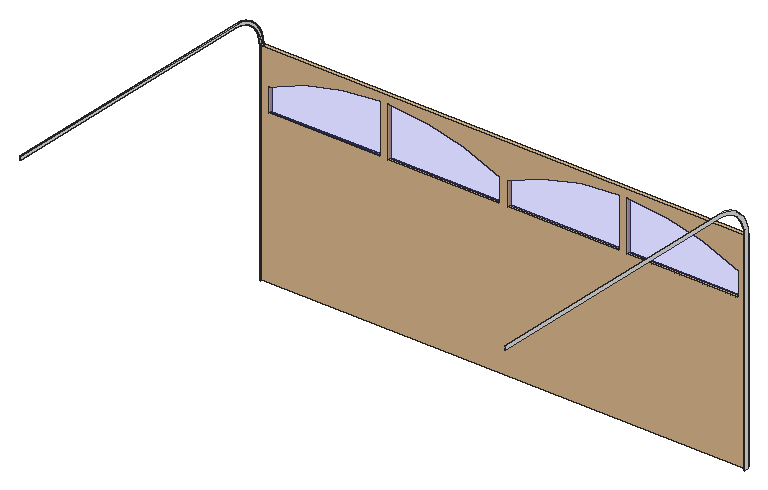
Revit family
Parameters (values of type "7Ft H x 16Ft W")
  Track Width = Width + 0' 2"  # 16' - 2"
  Track Height = Height + 1' 0"  # 8' - 0"
  Track Depth = 10' - 0"
  Track = Metal
  SmartBIM Object Version = 1  # constant formula
  SmartBIM Object Created By = "Reed Construction Data"  # constant formula
  Panel Thickness = 0' - 1 1/2"
  Manufacturer = ""
  Height = 7' - 0"
  Wall Closure = (empty or 0)
  Width = 16' - 0"
  Door Glass = Glass
  Door = Wood
  95 CSI = "08360"  # constant formula
  04 CSI = "08 36 13"  # constant formula
Types (3): name | Track Width | Width
  (no name) | 16' - 2" | 16' - 0"
  7Ft H x 8Ft W | 8' - 2" | 8' - 0"
  7Ft H x 16Ft W | 16' - 2" | 16' - 0"
Reference planes (in)
  plane 1 "Center (Front/Back)": y = 0
  plane 2 "Center (Left/Right)": x = 0
  plane 3 "Left": x = -96
  plane 4 "Right": x = 96
  plane 5 "Top": z = 84
  plane 6: x = -97
  plane 7: x = 97
  plane 8: y = -3.25
  plane 9: z = 60.75
  plane 10: z = 20.25
  plane 11: z = 40.5
  plane 12: z = 81
  plane 13: y = -2.5
  plane 14 "Ext": y = -3.25
  plane 15: y = -2.5
  plane 16 "Int": y = -1.75
  plane 17: x = 1.5
  plane 18: x = -48
  plane 19: x = 48
  plane 20: x = -49.5
  plane 21: x = -46.5
  plane 22: x = 46.5
  plane 23: x = 49.5
  plane 24: y = -2.5
Forms (in)
  Extrusion 1, solid, material "Wood" <- "Door"
    sketch origin (0, 0, 0) x (1, 0, 0) y (0, 0, 1)
      loop
        line (-97, 84) -> (-97, 0) -> (97, 0) -> (97, 84) -> (-97, 84)
      loop
        line (94.5, 60.75) -> (94.5, 70.375)
        arc (94.5, 70.375) -> (72.57981, 78.14033) -> (49.5, 80.98949) r 107.06544
        line (49.5, 80.98949) -> (49.5, 60.75) -> (94.5, 60.75)
      loop
        line (-94.5, 70.375) -> (-94.5, 60.75) -> (-49.5, 60.75) -> (-49.5, 80.98949)
        arc (-49.5, 80.98949) -> (-72.57981, 78.14033) -> (-94.5, 70.375) r 107.06544
      loop
        line (-1.5, 60.75) -> (-1.5, 70.375)
        arc (-1.5, 70.375) -> (-23.42019, 78.14033) -> (-46.5, 80.98949) r 107.06544
        line (-46.5, 80.98949) -> (-46.5, 60.75) -> (-1.5, 60.75)
      loop
        line (1.5, 70.375) -> (1.5, 60.75) -> (46.5, 60.75) -> (46.5, 80.98949)
        arc (46.5, 80.98949) -> (23.42019, 78.14033) -> (1.5, 70.375) r 107.06544
    from 1.75 to 3.25
  Extrusion 2, solid, material "Glass" <- "Door Glass"
    sketch origin (0, -1.75, 0) x (1, 0, 0) y (0, 0, 1)
      loop
        arc (94.5, 70.375) -> (72.57981, 78.14033) -> (49.5, 80.98949) r 107.06544
        line (49.5, 80.98949) -> (49.5, 60.75) -> (94.5, 60.75) -> (94.5, 70.375)
      loop
        arc (46.5, 80.98949) -> (23.42019, 78.14033) -> (1.5, 70.375) r 107.06544
        line (1.5, 70.375) -> (1.5, 60.75) -> (46.5, 60.75) -> (46.5, 80.98949)
      loop
        arc (-1.5, 70.375) -> (-23.42019, 78.14033) -> (-46.5, 80.98949) r 107.06544
        line (-46.5, 80.98949) -> (-46.5, 60.75) -> (-1.5, 60.75) -> (-1.5, 70.375)
      loop
        arc (-49.5, 80.98949) -> (-72.57981, 78.14033) -> (-94.5, 70.375) r 107.06544
        line (-94.5, 70.375) -> (-94.5, 60.75) -> (-49.5, 60.75) -> (-49.5, 80.98949)
    from 0.625 to 0.875
Lines and regions (in)
  Opening 1
    outline origin (-90, -1.75, 0) x (1, 0, 0) y (0, 0, 1)
      loop
        line (-6, 0) -> (186, 0) -> (186, 84) -> (-6, 84) -> (-6, 0)
  model lines
    curve 1: line (49.5, -3.25, 42) -> (94.5, -3.25, 42)
    curve 2: line (94.5, -3.25, 42) -> (94.5, -3.25, 59.25)
    curve 3: line (94.5, -3.25, 59.25) -> (49.5, -3.25, 59.25)
    curve 4: line (93, -3.25, 57.75) -> (51, -3.25, 57.75)
    curve 5: line (51, -3.25, 43.5) -> (93, -3.25, 43.5)
    curve 6: line (93, -3.25, 43.5) -> (93, -3.25, 57.75)
    curve 7: line (-49.5, -3.25, 59.25) -> (-49.5, -3.25, 42)
    curve 8: line (-94.5, -3.25, 59.25) -> (-94.5, -3.25, 42)
    curve 9: line (-94.5, -3.25, 42) -> (-49.5, -3.25, 42)
    curve 10: line (-49.5, -3.25, 59.25) -> (-94.5, -3.25, 59.25)
    curve 11: line (-51, -3.25, 57.75) -> (-93, -3.25, 57.75)
    curve 12: line (-93, -3.25, 57.75) -> (-93, -3.25, 43.5)
    curve 13: line (-93, -3.25, 43.5) -> (-51, -3.25, 43.5)
    curve 14: line (-94.5, -3.25, 39) -> (-94.5, -3.25, 21.75)
    curve 15: line (-94.5, -3.25, 21.75) -> (-49.5, -3.25, 21.75)
    curve 16: line (-49.5, -3.25, 21.75) -> (-49.5, -3.25, 39)
    curve 17: line (-49.5, -3.25, 39) -> (-94.5, -3.25, 39)
    curve 18: line (-51, -3.25, 37.5) -> (-93, -3.25, 37.5)
    curve 19: line (-93, -3.25, 37.5) -> (-93, -3.25, 23.25)
    curve 20: line (-93, -3.25, 23.25) -> (-51, -3.25, 23.25)
    curve 21: line (-51, -3.25, 23.25) -> (-51, -3.25, 37.5)
    curve 22: line (49.5, -3.25, 39) -> (49.5, -3.25, 21.75)
    curve 23: line (49.5, -3.25, 21.75) -> (94.5, -3.25, 21.75)
    curve 24: line (94.5, -3.25, 21.75) -> (94.5, -3.25, 39)
    curve 25: line (94.5, -3.25, 39) -> (49.5, -3.25, 39)
    curve 26: line (93, -3.25, 37.5) -> (51, -3.25, 37.5)
    curve 27: line (51, -3.25, 37.5) -> (51, -3.25, 23.25)
    curve 28: line (51, -3.25, 23.25) -> (93, -3.25, 23.25)
    curve 29: line (93, -3.25, 23.25) -> (93, -3.25, 37.5)
    curve 30: line (-94.5, -3.25, 1.5) -> (-94.5, -3.25, 18.75)
    curve 31: line (-94.5, -3.25, 18.75) -> (-49.5, -3.25, 18.75)
    curve 32: line (-49.5, -3.25, 18.75) -> (-49.5, -3.25, 1.5)
    curve 33: line (-49.5, -3.25, 1.5) -> (-94.5, -3.25, 1.5)
    curve 34: line (-51, -3.25, 3) -> (-93, -3.25, 3)
    curve 35: line (-93, -3.25, 3) -> (-93, -3.25, 17.25)
    curve 36: line (-93, -3.25, 17.25) -> (-51, -3.25, 17.25)
    curve 37: line (-51, -3.25, 17.25) -> (-51, -3.25, 3)
    curve 38: line (94.5, -3.25, 1.5) -> (94.5, -3.25, 18.75)
    curve 39: line (94.5, -3.25, 18.75) -> (49.5, -3.25, 18.75)
    curve 40: line (49.5, -3.25, 18.75) -> (49.5, -3.25, 1.5)
    curve 41: line (49.5, -3.25, 1.5) -> (94.5, -3.25, 1.5)
    curve 42: line (51, -3.25, 3) -> (93, -3.25, 3)
    curve 43: line (93, -3.25, 3) -> (93, -3.25, 17.25)
    curve 44: line (93, -3.25, 17.25) -> (51, -3.25, 17.25)
    curve 45: line (51, -3.25, 17.25) -> (51, -3.25, 3)
    curve 46: line (49.5, -1.75, 42) -> (94.5, -1.75, 42)
    curve 47: line (94.5, -1.75, 42) -> (94.5, -1.75, 59.25)
    curve 48: line (94.5, -1.75, 59.25) -> (49.5, -1.75, 59.25)
    curve 49: line (93, -1.75, 57.75) -> (51, -1.75, 57.75)
    curve 50: line (51, -1.75, 43.5) -> (93, -1.75, 43.5)
    curve 51: line (93, -1.75, 43.5) -> (93, -1.75, 57.75)
    curve 52: line (-49.5, -1.75, 59.25) -> (-49.5, -1.75, 42)
    curve 53: line (-94.5, -1.75, 59.25) -> (-94.5, -1.75, 42)
    curve 54: line (-94.5, -1.75, 42) -> (-49.5, -1.75, 42)
    curve 55: line (-49.5, -1.75, 59.25) -> (-94.5, -1.75, 59.25)
    curve 56: line (-51, -1.75, 57.75) -> (-93, -1.75, 57.75)
    curve 57: line (-93, -1.75, 57.75) -> (-93, -1.75, 43.5)
    curve 58: line (-93, -1.75, 43.5) -> (-51, -1.75, 43.5)
    curve 59: line (-94.5, -1.75, 39) -> (-94.5, -1.75, 21.75)
    curve 60: line (-94.5, -1.75, 21.75) -> (-49.5, -1.75, 21.75)
    curve 61: line (-49.5, -1.75, 21.75) -> (-49.5, -1.75, 39)
    curve 62: line (-49.5, -1.75, 39) -> (-94.5, -1.75, 39)
    curve 63: line (-51, -1.75, 37.5) -> (-93, -1.75, 37.5)
    curve 64: line (-93, -1.75, 37.5) -> (-93, -1.75, 23.25)
    curve 65: line (-93, -1.75, 23.25) -> (-51, -1.75, 23.25)
    curve 66: line (-51, -1.75, 23.25) -> (-51, -1.75, 37.5)
    curve 67: line (49.5, -1.75, 39) -> (49.5, -1.75, 21.75)
    curve 68: line (49.5, -1.75, 21.75) -> (94.5, -1.75, 21.75)
    curve 69: line (94.5, -1.75, 21.75) -> (94.5, -1.75, 39)
    curve 70: line (94.5, -1.75, 39) -> (49.5, -1.75, 39)
    curve 71: line (93, -1.75, 37.5) -> (51, -1.75, 37.5)
    curve 72: line (51, -1.75, 37.5) -> (51, -1.75, 23.25)
    curve 73: line (51, -1.75, 23.25) -> (93, -1.75, 23.25)
    curve 74: line (93, -1.75, 23.25) -> (93, -1.75, 37.5)
    curve 75: line (-94.5, -1.75, 1.5) -> (-94.5, -1.75, 18.75)
    curve 76: line (-94.5, -1.75, 18.75) -> (-49.5, -1.75, 18.75)
    curve 77: line (-49.5, -1.75, 18.75) -> (-49.5, -1.75, 1.5)
    curve 78: line (-49.5, -1.75, 1.5) -> (-94.5, -1.75, 1.5)
    curve 79: line (-51, -1.75, 3) -> (-93, -1.75, 3)
    curve 80: line (-93, -1.75, 3) -> (-93, -1.75, 17.25)
    curve 81: line (-93, -1.75, 17.25) -> (-51, -1.75, 17.25)
    curve 82: line (-51, -1.75, 17.25) -> (-51, -1.75, 3)
    curve 83: line (94.5, -1.75, 1.5) -> (94.5, -1.75, 18.75)
    curve 84: line (94.5, -1.75, 18.75) -> (49.5, -1.75, 18.75)
    curve 85: line (49.5, -1.75, 18.75) -> (49.5, -1.75, 1.5)
    curve 86: line (49.5, -1.75, 1.5) -> (94.5, -1.75, 1.5)
    curve 87: line (51, -1.75, 3) -> (93, -1.75, 3)
    curve 88: line (93, -1.75, 3) -> (93, -1.75, 17.25)
    curve 89: line (93, -1.75, 17.25) -> (51, -1.75, 17.25)
    curve 90: line (51, -1.75, 17.25) -> (51, -1.75, 3)
    curve 91: line (49.5, -1.75, 59.25) -> (49.5, -1.75, 42)
    curve 92: line (49.5, -3.25, 42) -> (49.5, -3.25, 59.25)
    curve 93: line (-51, -3.25, 57.75) -> (-51, -3.25, 43.5)
    curve 94: line (-46.5, -3.25, 59.25) -> (-46.5, -3.25, 42)
    curve 95: line (-1.5, -3.25, 59.25) -> (-1.5, -3.25, 42)
    curve 96: line (-1.5, -3.25, 42) -> (-46.5, -3.25, 42)
    curve 97: line (-46.5, -3.25, 59.25) -> (-1.5, -3.25, 59.25)
    curve 98: line (-45, -3.25, 57.75) -> (-3, -3.25, 57.75)
    curve 99: line (-3, -3.25, 57.75) -> (-3, -3.25, 43.5)
    curve 100: line (-3, -3.25, 43.5) -> (-45, -3.25, 43.5)
    curve 101: line (-45, -3.25, 57.75) -> (-45, -3.25, 43.5)
    curve 102: line (-46.5, -3.25, 21.75) -> (-46.5, -3.25, 39)
    curve 103: line (-1.5, -3.25, 21.75) -> (-1.5, -3.25, 39)
    curve 104: line (-1.5, -3.25, 39) -> (-46.5, -3.25, 39)
    curve 105: line (-46.5, -3.25, 21.75) -> (-1.5, -3.25, 21.75)
    curve 106: line (-45, -3.25, 23.25) -> (-3, -3.25, 23.25)
    curve 107: line (-3, -3.25, 23.25) -> (-3, -3.25, 37.5)
    curve 108: line (-3, -3.25, 37.5) -> (-45, -3.25, 37.5)
    curve 109: line (-45, -3.25, 23.25) -> (-45, -3.25, 37.5)
    curve 110: line (-46.5, -3.25, 18.75) -> (-46.5, -3.25, 1.5)
    curve 111: line (-1.5, -3.25, 18.75) -> (-1.5, -3.25, 1.5)
    curve 112: line (-1.5, -3.25, 1.5) -> (-46.5, -3.25, 1.5)
    curve 113: line (-46.5, -3.25, 18.75) -> (-1.5, -3.25, 18.75)
    curve 114: line (-45, -3.25, 17.25) -> (-3, -3.25, 17.25)
    curve 115: line (-3, -3.25, 17.25) -> (-3, -3.25, 3)
    curve 116: line (-3, -3.25, 3) -> (-45, -3.25, 3)
    curve 117: line (-45, -3.25, 17.25) -> (-45, -3.25, 3)
    curve 118: line (51, -3.25, 57.75) -> (51, -3.25, 43.5)
    curve 119: line (46.5, -3.25, 42) -> (1.5, -3.25, 42)
    curve 120: line (1.5, -3.25, 42) -> (1.5, -3.25, 59.25)
    curve 121: line (1.5, -3.25, 59.25) -> (46.5, -3.25, 59.25)
    curve 122: line (46.5, -3.25, 42) -> (46.5, -3.25, 59.25)
    curve 123: line (3, -3.25, 57.75) -> (45, -3.25, 57.75)
    curve 124: line (45, -3.25, 43.5) -> (3, -3.25, 43.5)
    curve 125: line (3, -3.25, 43.5) -> (3, -3.25, 57.75)
    curve 126: line (45, -3.25, 57.75) -> (45, -3.25, 43.5)
    curve 127: line (46.5, -3.25, 39) -> (46.5, -3.25, 21.75)
    curve 128: line (46.5, -3.25, 21.75) -> (1.5, -3.25, 21.75)
    curve 129: line (1.5, -3.25, 21.75) -> (1.5, -3.25, 39)
    curve 130: line (1.5, -3.25, 39) -> (46.5, -3.25, 39)
    curve 131: line (3, -3.25, 37.5) -> (45, -3.25, 37.5)
    curve 132: line (45, -3.25, 37.5) -> (45, -3.25, 23.25)
    curve 133: line (45, -3.25, 23.25) -> (3, -3.25, 23.25)
    curve 134: line (3, -3.25, 23.25) -> (3, -3.25, 37.5)
    curve 135: line (1.5, -3.25, 1.5) -> (1.5, -3.25, 18.75)
    curve 136: line (1.5, -3.25, 18.75) -> (46.5, -3.25, 18.75)
    curve 137: line (46.5, -3.25, 18.75) -> (46.5, -3.25, 1.5)
    curve 138: line (46.5, -3.25, 1.5) -> (1.5, -3.25, 1.5)
    curve 139: line (45, -3.25, 3) -> (3, -3.25, 3)
    curve 140: line (3, -3.25, 3) -> (3, -3.25, 17.25)
    curve 141: line (3, -3.25, 17.25) -> (45, -3.25, 17.25)
    curve 142: line (45, -3.25, 17.25) -> (45, -3.25, 3)
    curve 143: line (51, -1.75, 57.75) -> (51, -1.75, 43.5)
    curve 144: line (46.5, -1.75, 42) -> (1.5, -1.75, 42)
    curve 145: line (1.5, -1.75, 42) -> (1.5, -1.75, 59.25)
    curve 146: line (1.5, -1.75, 59.25) -> (46.5, -1.75, 59.25)
    curve 147: line (46.5, -1.75, 59.25) -> (46.5, -1.75, 42)
    curve 148: line (3, -1.75, 57.75) -> (45, -1.75, 57.75)
    curve 149: line (45, -1.75, 43.5) -> (3, -1.75, 43.5)
    curve 150: line (3, -1.75, 43.5) -> (3, -1.75, 57.75)
    curve 151: line (45, -1.75, 57.75) -> (45, -1.75, 43.5)
    curve 152: line (46.5, -1.75, 39) -> (46.5, -1.75, 21.75)
    curve 153: line (46.5, -1.75, 21.75) -> (1.5, -1.75, 21.75)
    curve 154: line (1.5, -1.75, 21.75) -> (1.5, -1.75, 39)
    curve 155: line (1.5, -1.75, 39) -> (46.5, -1.75, 39)
    curve 156: line (3, -1.75, 37.5) -> (45, -1.75, 37.5)
    curve 157: line (45, -1.75, 37.5) -> (45, -1.75, 23.25)
    curve 158: line (45, -1.75, 23.25) -> (3, -1.75, 23.25)
    curve 159: line (3, -1.75, 23.25) -> (3, -1.75, 37.5)
    curve 160: line (1.5, -1.75, 1.5) -> (1.5, -1.75, 18.75)
    curve 161: line (1.5, -1.75, 18.75) -> (46.5, -1.75, 18.75)
    curve 162: line (46.5, -1.75, 18.75) -> (46.5, -1.75, 1.5)
    curve 163: line (46.5, -1.75, 1.5) -> (1.5, -1.75, 1.5)
    curve 164: line (45, -1.75, 3) -> (3, -1.75, 3)
    curve 165: line (3, -1.75, 3) -> (3, -1.75, 17.25)
    curve 166: line (3, -1.75, 17.25) -> (45, -1.75, 17.25)
    curve 167: line (45, -1.75, 17.25) -> (45, -1.75, 3)
    curve 168: line (-51, -1.75, 43.5) -> (-51, -1.75, 57.75)
    curve 169: line (-46.5, -1.75, 59.25) -> (-46.5, -1.75, 42)
    curve 170: line (-1.5, -1.75, 59.25) -> (-1.5, -1.75, 42)
    curve 171: line (-1.5, -1.75, 42) -> (-46.5, -1.75, 42)
    curve 172: line (-46.5, -1.75, 59.25) -> (-1.5, -1.75, 59.25)
    curve 173: line (-45, -1.75, 57.75) -> (-3, -1.75, 57.75)
    curve 174: line (-3, -1.75, 57.75) -> (-3, -1.75, 43.5)
    curve 175: line (-3, -1.75, 43.5) -> (-45, -1.75, 43.5)
    curve 176: line (-45, -1.75, 43.5) -> (-45, -1.75, 57.75)
    curve 177: line (-46.5, -1.75, 21.75) -> (-46.5, -1.75, 39)
    curve 178: line (-1.5, -1.75, 21.75) -> (-1.5, -1.75, 39)
    curve 179: line (-1.5, -1.75, 39) -> (-46.5, -1.75, 39)
    curve 180: line (-46.5, -1.75, 21.75) -> (-1.5, -1.75, 21.75)
    curve 181: line (-45, -1.75, 23.25) -> (-3, -1.75, 23.25)
    curve 182: line (-3, -1.75, 23.25) -> (-3, -1.75, 37.5)
    curve 183: line (-3, -1.75, 37.5) -> (-45, -1.75, 37.5)
    curve 184: line (-45, -1.75, 37.5) -> (-45, -1.75, 23.25)
    curve 185: line (-45, -1.75, 17.25) -> (-3, -1.75, 17.25)
    curve 186: line (-3, -1.75, 17.25) -> (-3, -1.75, 3)
    curve 187: line (-3, -1.75, 3) -> (-45, -1.75, 3)
    curve 188: line (-45, -1.75, 3) -> (-45, -1.75, 17.25)
    curve 189: line (-46.5, -1.75, 18.75) -> (-46.5, -1.75, 1.5)
    curve 190: line (-1.5, -1.75, 18.75) -> (-1.5, -1.75, 1.5)
    curve 191: line (-1.5, -1.75, 1.5) -> (-46.5, -1.75, 1.5)
    curve 192: line (-46.5, -1.75, 18.75) -> (-1.5, -1.75, 18.75)
Text (in)
  text "Exterior" at (-74.96733, 27.31104, 0), in view "Ref. Level"
  text "Interior" at (-76.69036, -30.31274, 0), in view "Ref. Level"
  text "Exterior" at (0, 40.15149, 123.01588), in view "Right"
  text "Interior" at (0, -64.39139, 123.01588), in view "Right"
  text "Interior" at (0, -31.01599, 123.00693), in view "Left"
  text "Exterior" at (0, 54.57065, 123.00693), in view "Left"
Dimensions and locks (in)
  equal spacing: plane 3 "Left", plane 2 "Center (Left/Right)", plane 4 "Right"
  "Height": level to plane 5 "Top"
  "Width": plane 3 "Left" to plane 4 "Right"
  locked: plane 6 to plane 3 "Left" at 1
  locked: plane 4 "Right" to plane 7 at 1
  locked: plane 12 to plane 5 "Top" at 3
  equal spacing: level, plane 10, plane 11, plane 9, plane 12
  host wall to plane 13 to plane 8 = 0' - 0 3/4", 0' - 0 3/4"
  curve 6 to curve 2 to plane 4 "Right" = 0' - 1 1/2" locked, 0' - 1 1/2" locked
  curve 4 to curve 3 to plane 9 = 0' - 1 1/2" locked, 0' - 1 1/2" locked
  plane 11 to curve 1 to curve 5 = 0' - 1 1/2" locked, 0' - 1 1/2" locked
  plane 3 "Left" to curve 8 to curve 12 = 0' - 1 1/2" locked, 0' - 1 1/2" locked
  plane 11 to curve 17 to curve 18 = 0' - 1 1/2" locked, 0' - 1 1/2" locked
  curve 20 to curve 15 to plane 10 = 0' - 1 1/2" locked, 0' - 1 1/2" locked
  plane 10 to curve 31 to curve 36 = 0' - 1 1/2" locked, 0' - 1 1/2" locked
  curve 34 to curve 33 to level = 0' - 1 1/2" locked, 0' - 1 1/2" locked
  equal spacing: plane 14 "Ext", plane 15, plane 16 "Int"
  locked: curve 51 to curve 47 at 1.5
  locked: curve 49 to curve 48 at 1.5
  locked: curve 46 to curve 50 at 1.5
  locked: curve 53 to curve 57 at 1.5
  locked: curve 62 to curve 63 at 1.5
  locked: curve 65 to curve 60 at 1.5
  locked: curve 76 to curve 81 at 1.5
  locked: curve 79 to curve 78 at 1.5
  "Panel Thickness": plane 16 "Int" to plane 14 "Ext"
  locked: plane 2 "Center (Left/Right)" to plane 17 at 1.5
  locked: Extrusion 1 sketch curve to plane 7 at 2.5
  locked: Extrusion 1 sketch curve to plane 6 at 2.5
  equal spacing: Extrusion 1 sketch curve, plane 2 "Center (Left/Right)", Extrusion 1 sketch curve
  locked: Extrusion 1 sketch curve to Extrusion 1 sketch curve at 3
  equal spacing: plane 3 "Left", plane 18, plane 2 "Center (Left/Right)"
  equal spacing: plane 4 "Right", plane 19, plane 2 "Center (Left/Right)"
  locked: plane 18 to plane 20 at 1.5
  locked: plane 21 to plane 18 at 1.5
  locked: curve 93 to plane 20 at 1.5
  locked: curve 95 to plane 2 "Center (Left/Right)" at 1.5
  locked: plane 21 to curve 101 at 1.5
  locked: curve 99 to plane 2 "Center (Left/Right)" at 3
  equal spacing: plane 23, plane 19, plane 22
  plane 23 to plane 19 to plane 22 = 0' - 1 1/2", 0' - 1 1/2"
  locked: plane 23 to curve 118 at 1.5
  locked: curve 125 to plane 17 at 1.5
  locked: curve 143 to plane 23 at 1.5
  locked: plane 22 to curve 151 at 1.5
  locked: plane 17 to curve 150 at 1.5
  locked: curve 168 to plane 20 at 1.5
  locked: curve 176 to plane 21 at 1.5
  plane 2 "Center (Left/Right)" to curve 170 to curve 174 = 0' - 1 1/2" locked, 0' - 1 1/2" locked
  locked: plane 12 to Extrusion 1 sketch curve at 0  (x2)
  locked: plane 9 to Extrusion 1 sketch curve at 9.625  (x4)
  Extrusion 1 sketch curve to plane 6 = 0' - 2 1/2"  (x2)
  locked: plane 2 "Center (Left/Right)" to Extrusion 1 sketch curve at 1.5
  Extrusion 1 sketch curve to plane 2 "Center (Left/Right)" = 0' - 1 1/2"  (x2)
  locked: plane 7 to Extrusion 1 sketch curve at 2.5
  equal spacing: Extrusion 2, plane 24, Extrusion 2
  locked: Extrusion 2 to Extrusion 2 at 0.25
  aligned and locked: plane 3 "Left" to Opening 1 sketch curve
  aligned and locked: plane 5 "Top" to Opening 1 sketch curve
  aligned and locked: Opening 1 sketch curve to plane 5 "Top"
  aligned and locked: Opening 1 sketch curve to plane 4 "Right"
  aligned and locked: Opening 1 sketch curve to level
  aligned and locked: Extrusion 1 sketch curve to level
  aligned and locked: Extrusion 1 sketch curve to host wall
  aligned and locked: curve 12 to curve 19
  aligned and locked: curve 8 to curve 14
  aligned and locked: curve 29 to curve 6
  aligned and locked: curve 24 to curve 2
  aligned and locked: curve 30 to curve 14
  aligned and locked: curve 35 to curve 19
  aligned and locked: curve 21 to curve 37
  aligned and locked: curve 16 to curve 32
  aligned and locked: curve 22 to curve 40
  aligned and locked: curve 27 to curve 45
  aligned and locked: curve 43 to curve 29
  aligned and locked: curve 38 to curve 24
  aligned and locked: host wall to plane 16 "Int"
  aligned and locked: plane 14 "Ext" to Extrusion 1
  aligned and locked: Extrusion 1 to host wall
  aligned and locked: curve 72 to curve 90
  aligned and locked: curve 61 to curve 52
  aligned and locked: curve 61 to curve 77
  aligned and locked: curve 66 to curve 82
  aligned and locked: curve 16 to curve 7
  aligned and locked: curve 88 to curve 74
  aligned and locked: curve 74 to curve 51
  aligned and locked: plane 9 to Extrusion 1 sketch curve  (x2)
  aligned and locked: curve 7 to plane 20
  aligned and locked: curve 21 to curve 93
  aligned and locked: curve 94 to plane 21
  aligned and locked: curve 96 to curve 9
  aligned and locked: curve 100 to curve 13
  aligned and locked: curve 10 to curve 97
  aligned and locked: curve 11 to curve 98
  aligned and locked: curve 110 to plane 21
  aligned and locked: plane 21 to curve 102
  aligned and locked: curve 103 to curve 95
  aligned and locked: curve 103 to curve 111
  aligned and locked: curve 107 to curve 99
  aligned and locked: curve 107 to curve 115
  aligned and locked: curve 109 to curve 101
  aligned and locked: curve 31 to curve 113
  aligned and locked: curve 36 to curve 114
  aligned and locked: curve 112 to curve 33
  aligned and locked: curve 116 to curve 34
  aligned and locked: curve 15 to curve 105
  aligned and locked: curve 20 to curve 106
  aligned and locked: curve 108 to curve 18
  aligned and locked: curve 104 to curve 17
  aligned and locked: plane 23 to curve 92
  aligned and locked: curve 121 to curve 3
  aligned and locked: curve 123 to curve 4
  aligned and locked: curve 5 to curve 124
  aligned and locked: plane 22 to curve 122
  aligned and locked: curve 120 to plane 17
  aligned and locked: curve 118 to curve 27
  aligned and locked: curve 22 to plane 23
  aligned and locked: curve 130 to curve 25
  aligned and locked: curve 131 to curve 26
  aligned and locked: curve 28 to curve 133
  aligned and locked: curve 23 to curve 128
  aligned and locked: curve 122 to curve 127
  aligned and locked: curve 126 to curve 132
  aligned and locked: curve 134 to curve 125
  aligned and locked: curve 129 to curve 120
  aligned and locked: curve 137 to plane 22
  aligned and locked: curve 135 to plane 17
  aligned and locked: curve 113 to curve 136
  aligned and locked: curve 114 to curve 141
  aligned and locked: curve 138 to curve 112
  aligned and locked: curve 139 to curve 116
  aligned and locked: curve 44 to curve 141
  aligned and locked: curve 139 to curve 42
  aligned and locked: curve 138 to curve 41
  aligned and locked: curve 39 to curve 136
  aligned and locked: plane 23 to curve 91
  aligned and locked: plane 22 to curve 147
  aligned and locked: plane 17 to curve 145
  aligned and locked: plane 23 to curve 67
  aligned and locked: curve 143 to curve 72
  aligned and locked: plane 23 to curve 85
  aligned and locked: plane 22 to curve 152
  aligned and locked: plane 22 to curve 162
  aligned and locked: plane 17 to curve 160
  aligned and locked: plane 17 to curve 154
  aligned and locked: curve 159 to curve 150
  aligned and locked: curve 165 to curve 150
  aligned and locked: curve 151 to curve 157
  aligned and locked: curve 157 to curve 167
  aligned and locked: plane 20 to curve 52
  aligned and locked: curve 66 to curve 168
  aligned and locked: plane 21 to curve 169
  aligned and locked: curve 177 to plane 21
  aligned and locked: plane 21 to curve 189
  aligned and locked: curve 176 to curve 184
  aligned and locked: curve 188 to curve 184
  aligned and locked: curve 178 to curve 170
  aligned and locked: curve 178 to curve 190
  aligned and locked: curve 182 to curve 174
  aligned and locked: curve 182 to curve 186
  aligned and locked: curve 155 to curve 179
  aligned and locked: curve 156 to curve 183
  aligned and locked: curve 181 to curve 158
  aligned and locked: curve 180 to curve 153
  aligned and locked: curve 192 to curve 161
  aligned and locked: curve 185 to curve 166
  aligned and locked: curve 164 to curve 187
  aligned and locked: curve 163 to curve 191
  aligned and locked: plane 23 to Extrusion 1 sketch curve
  aligned and locked: plane 22 to Extrusion 1 sketch curve
  aligned and locked: plane 20 to Extrusion 1 sketch curve
  aligned and locked: Extrusion 2 sketch curve to Extrusion 1  (x16)
  aligned and locked: plane 24 to plane 15
  aligned and locked: plane 15 to nested 1
  aligned and locked: nested 1 to plane 2 "Center (Left/Right)"
Automatic sketch dimensions
  plane 21 to curve 114 = 0' - 1 1/2"
  curve 139 to plane 17 = 0' - 1 1/2"
  curve 139 to plane 22 = 0' - 1 1/2"
  curve 123 to plane 22 = 0' - 1 1/2"
  plane 10 to curve 127 = 0' - 1 1/2"
  curve 22 to curve 28 = 0' - 1 1/2"
  curve 131 to plane 11 = 0' - 3"
  curve 127 to plane 11 = 0' - 1 1/2"
  plane 11 to curve 7 = 0' - 1 1/2"
  plane 11 to curve 120 = 0' - 1 1/2"
  curve 8 to curve 13 = 0' - 1 1/2"
  curve 99 to plane 9 = 0' - 3"
  curve 94 to plane 9 = 0' - 1 1/2"
  curve 57 to plane 3 "Left" = 0' - 3"
  curve 79 to plane 3 "Left" = 0' - 3"
  curve 64 to plane 3 "Left" = 0' - 3"
  curve 78 to plane 3 "Left" = 0' - 1 1/2"
  curve 59 to plane 3 "Left" = 0' - 1 1/2"
  plane 4 "Right" to curve 73 = 0' - 3"
  plane 4 "Right" to curve 68 = 0' - 1 1/2"
  plane 4 "Right" to curve 83 = 0' - 1 1/2"
  level to curve 75 = 0' - 1 1/2"
  level to curve 86 = 0' - 1 1/2"
  level to curve 160 = 0' - 1 1/2"
  curve 190 to curve 186 = 0' - 1 1/2"
  curve 85 to curve 90 = 0' - 1 1/2"
  curve 89 to plane 10 = 0' - 3"
  curve 185 to plane 10 = 0' - 3"
  curve 82 to plane 10 = 0' - 3"
  curve 192 to plane 10 = 0' - 1 1/2"
  curve 85 to plane 10 = 0' - 1 1/2"
  plane 10 to curve 68 = 0' - 1 1/2"
  plane 10 to curve 177 = 0' - 1 1/2"
  plane 10 to curve 59 = 0' - 1 1/2"
  curve 153 to curve 159 = 0' - 1 1/2"
  curve 68 to curve 74 = 0' - 1 1/2"
  curve 72 to plane 11 = 0' - 3"
  curve 64 to plane 11 = 0' - 3"
  curve 156 to plane 11 = 0' - 3"
  curve 70 to plane 11 = 0' - 1 1/2"
  curve 154 to plane 11 = 0' - 1 1/2"
  plane 11 to curve 170 = 0' - 1 1/2"
  plane 11 to curve 147 = 0' - 1 1/2"
  plane 11 to curve 54 = 0' - 1 1/2"
  plane 11 to curve 91 = 0' - 1 1/2"
  curve 53 to curve 58 = 0' - 1 1/2"
  curve 144 to curve 151 = 0' - 1 1/2"
  curve 170 to curve 174 = 0' - 1 1/2"
  curve 174 to plane 9 = 0' - 3"
  curve 148 to plane 9 = 0' - 3"
  curve 51 to plane 9 = 0' - 3"
  curve 168 to plane 9 = 0' - 3"
  curve 145 to plane 9 = 0' - 1 1/2"
  curve 55 to plane 9 = 0' - 1 1/2"
  curve 172 to plane 9 = 0' - 1 1/2"
  Extrusion 1 sketch curve to Extrusion 1 sketch curve = 0' - 0"  (x4)
  Extrusion 1 sketch curve to plane 6 = 0' - 0"
  Extrusion 1 sketch curve to plane 19 = 0' - 0"
  Extrusion 1 sketch curve to plane 7 = 0' - 0"
  Extrusion 1 sketch curve to plane 9 = 0' - 0"  (x2)
  Extrusion 1 sketch curve to plane 21 = 0' - 0"
  Extrusion 1 sketch curve to plane 18 = 0' - 0"
Nested families (in)
  nested 1: "Door Track" at (-0.5, -64, 0), Width <- "Track Width", Height <- "Track Height", Depth <- "Track Depth", type "Door Track"
    with Width 16' - 2", Height 8' - 0", Depth 10' - 0"
Definition of nested family "Door Track"
  Parameters
    Width [instance] = 10' - 0"
    Track = Metal
    Height [instance] = 11' - 0"
    Depth [instance] = 8' - 0"
  Reference planes (in)
    plane 1 "Center (Front/Back)": y = 0
    plane 2: z = 0
    plane 3 "Center (Left/Right)": x = 0.5
    plane 4 "Back": y = 48
    plane 5 "Front": y = -48
    plane 6 "Left": x = -59.5
    plane 7 "Right": x = 60.5
    plane 8 "Top": z = 132
    plane 9 "Center (Up/Down)": z = 66
    plane 10: y = 48.75
    plane 11: y = 49.5
  Forms (in)
    Sweep 1, solid, material "Metal" <- "Track"
      path origin (60.5, 60, 48) x (0, 1, 0) y (0, 0, 1)
        loop
          line (-12, -48) -> (-12, 72)
          arc (-12, 72) -> (-15.51472, 80.48528) -> (-24, 84) r 12
          line (-24, 84) -> (-108, 84)
      profile origin (60.5, -6, 132) x (0, 0, -1) y (1, 0, 0)
        loop
          line (-1.5, 0) -> (-1.375, 0) -> (-1.375, 0.375) -> (-0.125, 0.375) -> (-0.125, 0) -> (0, 0) -> (0, 0.5) -> (-1.5, 0.5) -> (-1.5, 0)
    Sweep 2, solid, material "Metal" <- "Track"
      path origin (-59.5, 60, 48) x (0, 1, 0) y (0, 0, 1)
        loop
          line (-12, -48) -> (-12, 72)
          arc (-12, 72) -> (-15.51472, 80.48528) -> (-24, 84) r 12
          line (-24, 84) -> (-108, 84)
      profile origin (-59.5, -6, 132) x (0, 0, -1) y (1, 0, 0)
        loop
          line (-1.5, 0) -> (-1.5, -0.5) -> (0, -0.5) -> (0, 0) -> (-0.125, 0) -> (-0.125, -0.375) -> (-1.375, -0.375) -> (-1.375, 0) -> (-1.5, 0)
  Dimensions and locks (in)
    equal spacing: plane 6 "Left", plane 3 "Center (Left/Right)", plane 7 "Right"
    "Width": plane 6 "Left" to plane 7 "Right"
    equal spacing: plane 4 "Back", plane 1 "Center (Front/Back)", plane 5 "Front"
    "Depth": plane 4 "Back" to plane 5 "Front"
    "Height": plane 8 "Top" to plane 2
    equal spacing: plane 8 "Top", plane 9 "Center (Up/Down)", level
    locked: Sweep 2 sketch curve to Sweep 2 sketch curve at 0.125  (x3)
    locked: Sweep 2 sketch curve to Sweep 2 sketch curve at 0.5  (x2)
    locked: Sweep 2 sketch curve to Sweep 2 sketch curve at 1.5
    locked: Sweep 1 sketch curve to Sweep 1 sketch curve at 0.5  (x2)
    locked: Sweep 1 sketch curve to Sweep 1 sketch curve at 0.125  (x3)
    locked: Sweep 1 sketch curve to Sweep 1 sketch curve at 1.5
    equal spacing: plane 4 "Back", plane 10, plane 11
    locked: plane 10 to plane 11 at 0.75
    radius of Sweep 1 sketch curve = 1' - 0"
    radius of Sweep 2 sketch curve = 1' - 0"
    aligned and locked: plane 8 "Top" to Sweep 1 sketch curve  (x2)
    aligned and locked: plane 5 "Front" to Sweep 1 sketch curve
    aligned and locked: plane 4 "Back" to Sweep 1 sketch curve
    aligned and locked: plane 4 "Back" to Sweep 2 sketch curve
    aligned and locked: plane 5 "Front" to Sweep 2 sketch curve
    aligned and locked: level to Sweep 2 sketch curve
    aligned and locked: Sweep 2 sketch curve to profile plane  (x2)
    aligned and locked: Sweep 1 sketch curve to profile plane
    aligned and locked: plane 11 to Sweep 1
  Automatic sketch dimensions
    Sweep 1 sketch curve to level = 0' - 0"
    Sweep 2 sketch curve to plane 8 "Top" = 0' - 0"
